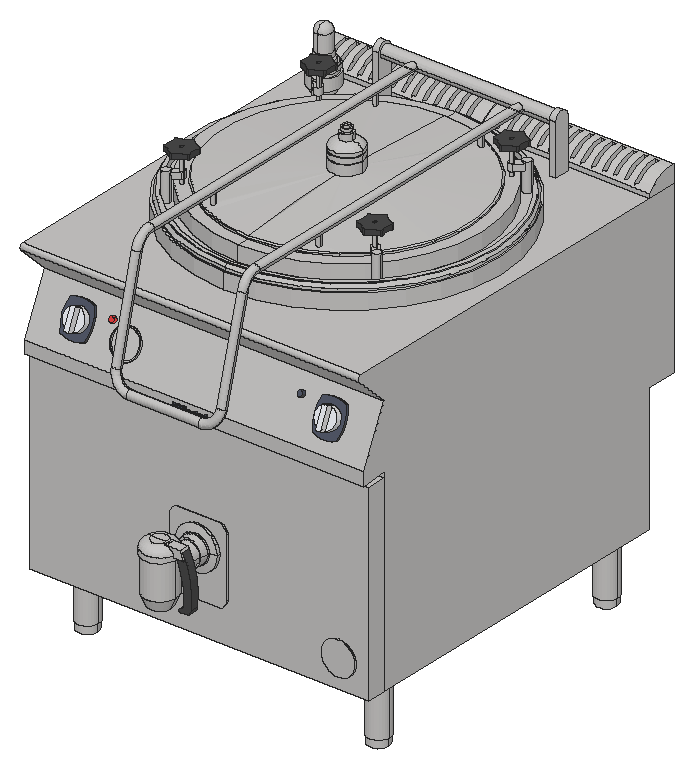
Revit family "QF_ELECTROLUXPROFESSIONAL_391298_E9BSGHDR4C", category Specialty Equipment, Revit 2018
Family settings
  Round Connector Dimension = Use Diameter
  Part Type = Normal
  Work Plane-Based = No
  Always vertical = Yes
  Cut with Voids When Loaded = No
  Shared = No
  Room Calculation Point = No
Parameters (values of type "Standard")
  Weight = 145.00 kg
  Watts = 0 W
  Volts = 220 V
  URL Manufacturer = "http://professional.electrolux.com"
  URL = "http://professional.electrolux.com"
  Steam Supply Size = 0"
  Steam Supply Minimum Pressure = 0.00 psi
  Steam Supply Maximum Pressure = 0.00 psi
  Steam Pounds per Hour = 0
  Show Logo [instance] = yes
  Show Clearance [instance] = yes
  Refrigeration Suction Line Size = 0 mm
  Refrigeration Liquid Line Size = 0 mm
  Refrigerant Compressor Remote = yes
  Phase = 1
  Model = "E9BSGHDR4C"
  Manufacturer = "Electrolux Professional"
  Length Actual = 800 mm  # constant formula
  Item Number = "391298"
  Hot Water Size = 3/4"
  Height Actual = 850 mm  # constant formula
  HP = "0.1 HP"
  Gas Size = 1/2"
  Gas KW = 24
  Gas Input Pressure = 0.805176 Btu/h
  Direct Waste Size = 2"
  Description = "150L GAS BOILPAN-DIRECT HEATED AUTO-60HZ"
  Depth Actual = 930 mm  # constant formula
  Cycle = 60 Hz
  Condensate Return Size = 0"
  Compressed Air Volume = 0 GPM
  Compressed Air Size = 0"
  Compressed Air Pressure = 0.00 psi
  Cold Water Size = 3/4"
  Assembly Code = ""
  Accessory = yes
Reference planes
  plane 1 "BACK": y = 0
  plane 2: z = 0
  plane 3 "LEFT": x = 0
  plane 4 "RIGHT": x = 800
  plane 5 "FRONT": y = -930
  plane 6 "TOP": z = 850
  plane 7 "Center Y": x = 400
  plane 8 "Center X": y = -465
  plane 9 "Base": z = 150
  plane 10: y = -1017
  plane 11: z = 1786
  plane 12: x = 56
  plane 13: x = 744
  plane 14: x = 746
  plane 15: x = 729
  plane 16: x = 46
  plane 17: x = 151.01
  plane 18: x = 648.99
  plane 19: y = -127
  plane 20: y = -801
Forms (mm)
  Revolve 1, solid, material "QF_Finishes_Stainless Steel"
    sketch origin (1, -127, 0) x (1, 0, 0) y (0, 0, 1)
      loop
        line (55, 0) -> (55, 150) -> (28.6, 150) -> (28.6, 19.05) -> (31.1, 19.05) -> (31.1, 0) -> (55, 0)
      axis (55, 0) -> (55, 150)
    angle from 0 to 360
  Revolve 2, solid, material "QF_Finishes_Stainless Steel"
    sketch origin (1, -801, 0) x (1, 0, 0) y (0, 0, 1)
      loop
        line (55, 0) -> (55, 150) -> (28.6, 150) -> (28.6, 19.05) -> (31.1, 19.05) -> (31.1, 0) -> (55, 0)
      axis (55, 0) -> (55, 150)
    angle from 0 to 360
  Extrusion 3, solid, material "QF_Finishes_Stainless Steel"
    sketch origin (0, 0, 576.213) x (0, 1, 0) y (0, 0, 1)
      loop
        line (0, -127.212) -> (0, 273.787) -> (-922.342, 273.787)
        arc (-922.342, 273.787) -> (-929.417, 269.06) -> (-927.757, 260.714) r 7.658
        line (-927.757, 260.714) -> (-856.613, 190.57) -> (-915.31, 65.214) -> (-915.31, 33.916) -> (-855.186, 38.612)
        arc (-855.186, 38.612) -> (-852.661, 37.864) -> (-851.569, 35.468) r 3.175
        line (-851.569, 35.468) -> (-851.569, -426.212) -> (-72, -426.212) -> (-72, -127.212) -> (0, -127.212)
      loop
        line (-901, 25.858) -> (-901, -426.212) -> (-854.744, -426.212) -> (-854.744, 25.858) -> (-901, 25.858)
    from 0 to 800
  Extrusion 4, solid, material "QF_Finishes_Stainless Steel"
    sketch origin (0, -901, 557.071) x (0, 0, 1) y (-1, 0, 0)
      loop
        arc (-150.774, -353.125) -> (-156.632, -338.983) -> (-170.774, -333.125) r 20
        line (-170.774, -333.125) -> (-310.774, -333.125)
        arc (-310.774, -333.125) -> (-324.916, -338.983) -> (-330.774, -353.125) r 20
        line (-330.774, -353.125) -> (-330.774, -446.875)
        arc (-330.774, -446.875) -> (-324.916, -461.017) -> (-310.774, -466.875) r 20
        line (-310.774, -466.875) -> (-170.774, -466.875)
        arc (-170.774, -466.875) -> (-156.632, -461.017) -> (-150.774, -446.875) r 20
        line (-150.774, -446.875) -> (-150.774, -353.125)
    from 0 to 3.2
  Revolve 5, solid, material "QF_Finishes_Stainless Steel"
    sketch origin (50, -127.411, 338.218) x (1, 0, 0) y (0, 1, 0)
      loop
        line (350, -776.789) -> (350, -866.845) -> (377.31, -866.845) -> (377.31, -807.326) -> (381.52, -807.326) -> (381.52, -788.802) -> (383.56, -788.802) -> (383.56, -785.903) -> (400.479, -782.307) -> (400.479, -776.789) -> (350, -776.789)
      axis (350, -866.845) -> (350, -776.789)
    angle from 0 to 360
  Extrusion 6, solid, material "QF_Finishes_Stainless Steel"
    sketch origin (0, -901, 557.071) x (0, 0, 1) y (-1, 0, 0)
      loop
        circle (-340.2, -729.973) r 40
      loop
        circle (-280.2, -284.973) r 20
    from 0 to 1.6
  Extrusion 7, solid, material "QF_Finishes_Navy Blue"
    sketch origin (-437.256, -913.119, 646.186) x (0, 0.418102, 0.9084) y (-1, 0, 0)
      loop
        arc (102.623, -510.47) -> (67.041, -502.846) -> (31.333, -509.853) r 90.5
        arc (31.333, -509.853) -> (24.507, -539.04) -> (31.333, -568.228) r 65.817
        arc (31.333, -568.228) -> (67.048, -575.112) -> (102.64, -567.615) r 91.99
        arc (102.64, -567.615) -> (109.186, -539.041) -> (102.623, -510.47) r 65.554
      loop
        arc (102.623, -1164.043) -> (109.179, -1135.47) -> (102.623, -1106.897) r 65.546
        arc (102.623, -1106.897) -> (67.04, -1099.324) -> (31.333, -1106.284) r 91.066
        arc (31.333, -1106.284) -> (24.507, -1135.472) -> (31.333, -1164.66) r 65.817
        arc (31.333, -1164.66) -> (67.041, -1171.667) -> (102.623, -1164.043) r 90.5
    from 0 to 3.175
  Extrusion 8, solid, material "QF_Finishes_White"
    sketch origin (-58.506, -916.833, 645.711) x (0, 0.418102, 0.9084) y (-1, 0, 0)
      loop
        circle (68.826, -160.963) r 25.4
      loop
        circle (68.826, -756.049) r 25.4
    from 0 to 12.7
  Extrusion 9, solid, material "QF_Finishes_White"
    sketch origin (-58.506, -928.369, 651.021) x (0, 0.418102, 0.9084) y (-1, 0, 0)
      loop
        arc (93.558, -166.749) -> (94.226, -160.963) -> (93.558, -155.177) r 25.4
        line (93.558, -155.177) -> (44.094, -155.177)
        arc (44.094, -155.177) -> (43.426, -160.963) -> (44.094, -166.749) r 25.4
        line (44.094, -166.749) -> (93.558, -166.749)
      loop
        line (93.558, -750.263) -> (44.094, -750.263)
        arc (44.094, -750.263) -> (43.426, -756.049) -> (44.094, -761.836) r 25.4
        line (44.094, -761.836) -> (93.558, -761.836)
        arc (93.558, -761.836) -> (94.226, -756.049) -> (93.558, -750.263) r 25.4
    from 0 to 12.7
  Extrusion 10, solid, material "QF_Finishes_Red"
    sketch origin (-137.986, -902.667, 668.896) x (0, 0.418102, 0.9084) y (-1, 0, 0)
      loop
        circle (65.471, -315.169) r 6.35
    from 0 to 6
  Extrusion 11, solid, material "QF_Finishes_Navy Blue"
    sketch origin (937.986, -902.667, 668.896) x (0, 0.418102, 0.9084) y (-1, 0, 0)
      loop
        circle (65.471, 315.169) r 6.35
    from 0 to 6
  Extrusion 12, solid, material "QF_Finishes_Navy Blue", visible <- "Show Logo"
    sketch origin (61.109, -915.31, 610.773) x (0, 0, 1) y (-1, 0, 0)
      loop
        line (20.674, -296.698) -> (8.307, -296.698)
        arc (8.307, -296.698) -> (14.491, -301.27) -> (20.674, -296.698) r 6.467
      loop
        arc (20.674, -296.069) -> (19.505, -290.926) -> (14.849, -288.448) r 6.338
        line (14.849, -288.448) -> (14.849, -290.494)
        arc (14.849, -290.494) -> (16.333, -294.149) -> (19.778, -296.069) r 5.941
        line (19.778, -296.069) -> (20.674, -296.069)
      loop
        arc (9.203, -296.069) -> (12.648, -294.149) -> (14.132, -290.494) r 5.941
        line (14.132, -290.494) -> (14.132, -288.448)
        arc (14.132, -288.448) -> (9.438, -290.922) -> (8.148, -296.069) r 6.504
        line (8.148, -296.069) -> (9.203, -296.069)
      loop
        line (21.349, -287.979) -> (7.604, -287.979) -> (7.604, -301.742) -> (21.349, -301.742) -> (21.349, -287.979)
      loop
        arc (21.432, -304.71) -> (21.085, -304.352) -> (20.718, -304.69) r 0.358
        arc (20.718, -304.69) -> (20.404, -305.44) -> (19.687, -305.825) r 1.216
        line (19.687, -305.825) -> (9.274, -305.825)
        arc (9.274, -305.825) -> (8.614, -305.548) -> (8.218, -304.951) r 1.238
        arc (8.218, -304.951) -> (7.823, -304.7) -> (7.518, -305.054) r 0.358
        line (7.518, -305.054) -> (7.518, -314.933) -> (10.269, -314.933) -> (10.269, -314.036)
        arc (10.269, -314.036) -> (9.36, -313.456) -> (8.904, -312.479) r 1.928
        line (8.904, -312.479) -> (8.904, -309.98)
        arc (8.904, -309.98) -> (9.18, -309.251) -> (9.868, -308.887) r 1.101
        line (9.868, -308.887) -> (13.955, -308.887) -> (13.955, -312.561)
        arc (13.955, -312.561) -> (13.602, -313.058) -> (13.037, -313.286) r 1.083
        arc (13.037, -313.286) -> (12.773, -313.591) -> (13.065, -313.869) r 0.292
        line (13.065, -313.869) -> (16.028, -313.869)
        arc (16.028, -313.869) -> (16.33, -313.596) -> (16.092, -313.266) r 0.305
        arc (16.092, -313.266) -> (15.601, -313.018) -> (15.296, -312.561) r 1.083
        line (15.296, -312.561) -> (15.296, -308.887) -> (19.973, -308.887) -> (19.973, -312.635)
        arc (19.973, -312.635) -> (19.759, -313.39) -> (19.153, -313.888) r 1.314
        arc (19.153, -313.888) -> (18.934, -314.292) -> (19.288, -314.585) r 0.361
        line (19.288, -314.585) -> (21.432, -314.585) -> (21.432, -304.71)
      loop
        arc (20.715, -315.365) -> (20.335, -316.284) -> (19.416, -316.664) r 1.299
        line (19.416, -316.664) -> (9.837, -316.664)
        arc (9.837, -316.664) -> (8.999, -316.286) -> (8.728, -315.408) r 1.118
        line (8.728, -315.408) -> (7.518, -315.408) -> (7.518, -320.758) -> (8.706, -320.758)
        arc (8.706, -320.758) -> (8.978, -319.841) -> (9.848, -319.445) r 1.153
        line (9.848, -319.445) -> (21.92, -319.445) -> (20.715, -315.365)
      loop
        line (12.483, -323.394) -> (12.483, -329.842) -> (13.282, -329.842)
        arc (13.282, -329.842) -> (15.862, -328.857) -> (17.131, -326.404) r 3.874
        line (17.131, -326.404) -> (17.131, -324.643)
        arc (17.131, -324.643) -> (15.944, -321.778) -> (13.08, -320.592) r 4.051
        line (13.08, -320.592) -> (11.072, -320.592)
        arc (11.072, -320.592) -> (8.253, -322.077) -> (7.202, -325.084) r 4.352
        arc (7.202, -325.084) -> (7.566, -327.547) -> (8.943, -329.621) r 5.713
        line (8.943, -329.621) -> (9.892, -329.621)
        arc (9.892, -329.621) -> (9.16, -328.052) -> (8.943, -326.334) r 5.579
        arc (8.943, -326.334) -> (9.737, -324.371) -> (11.616, -323.394) r 3.057
        line (11.616, -323.394) -> (12.483, -323.394)
      loop
        line (13.742, -323.394) -> (13.742, -326.977)
        arc (13.742, -326.977) -> (15.199, -327.024) -> (16.082, -325.864) r 1.59
        line (16.082, -325.864) -> (16.082, -325.034)
        arc (16.082, -325.034) -> (15.217, -323.779) -> (13.742, -323.394) r 2.184
      loop
        arc (16.533, -339.259) -> (17.022, -337.585) -> (17.179, -335.848) r 9.023
        line (17.179, -335.848) -> (17.179, -334.486)
        arc (17.179, -334.486) -> (16.02, -331.686) -> (13.22, -330.527) r 3.959
        line (13.22, -330.527) -> (10.62, -330.527)
        arc (10.62, -330.527) -> (8.338, -331.819) -> (7.221, -334.192) r 4.331
        line (7.221, -334.192) -> (7.221, -336.327)
        arc (7.221, -336.327) -> (7.729, -337.877) -> (8.651, -339.223) r 5.772
        arc (8.651, -339.223) -> (9.412, -339.274) -> (9.499, -338.515) r 0.553
        arc (9.499, -338.515) -> (9.111, -337.781) -> (8.977, -336.962) r 2.573
        line (8.977, -336.962) -> (8.977, -335.447)
        arc (8.977, -335.447) -> (9.983, -333.806) -> (11.798, -333.163) r 2.884
        line (11.798, -333.163) -> (13.077, -333.163)
        arc (13.077, -333.163) -> (14.898, -333.723) -> (15.824, -335.388) r 2.554
        line (15.824, -335.388) -> (15.824, -336.441)
        arc (15.824, -336.441) -> (15.493, -337.369) -> (14.836, -338.104) r 2.564
        arc (14.836, -338.104) -> (14.614, -338.821) -> (15.223, -339.259) r 0.643
        line (15.223, -339.259) -> (16.533, -339.259)
      loop
        line (15.515, -339.53) -> (15.515, -341.031) -> (9.467, -341.031)
        arc (9.467, -341.031) -> (7.879, -341.688) -> (7.221, -343.276) r 2.246
        line (7.221, -343.276) -> (7.221, -344.86)
        arc (7.221, -344.86) -> (7.535, -345.725) -> (8.035, -346.496) r 4.06
        arc (8.035, -346.496) -> (8.768, -346.629) -> (9.019, -345.928) r 0.576
        arc (9.019, -345.928) -> (8.913, -345.403) -> (8.977, -344.87) r 1.69
        arc (8.977, -344.87) -> (9.519, -344.082) -> (10.425, -343.779) r 1.506
        line (10.425, -343.779) -> (15.563, -343.779) -> (15.563, -346.176) -> (16.119, -346.733) -> (16.941, -346.733) -> (16.941, -343.873) -> (20.172, -343.873) -> (15.515, -339.53)
      loop
        line (7.438, -347.63) -> (7.438, -353.017) -> (8.548, -353.017)
        arc (8.548, -353.017) -> (8.942, -352.066) -> (9.893, -351.672) r 1.345
        line (9.893, -351.672) -> (13.509, -351.672)
        arc (13.509, -351.672) -> (14.274, -352.264) -> (14.564, -353.186) r 1.615
        line (14.564, -353.186) -> (14.564, -354.742) -> (17.119, -355.427) -> (17.119, -354.044) -> (15.177, -351.485) -> (17.057, -351.485) -> (16.773, -348.779)
        arc (16.773, -348.779) -> (16.333, -348.249) -> (15.674, -348.45) r 0.621
        arc (15.674, -348.45) -> (15.274, -348.792) -> (14.78, -348.975) r 1.501
        line (14.78, -348.975) -> (9.893, -348.975)
        arc (9.893, -348.975) -> (8.942, -348.581) -> (8.548, -347.63) r 1.345
        line (8.548, -347.63) -> (7.438, -347.63)
      loop
        line (13.54, -354.964) -> (10.848, -354.964)
        arc (10.848, -354.964) -> (8.403, -356.272) -> (7.269, -358.803) r 4.288
        arc (7.269, -358.803) -> (7.205, -360.183) -> (7.269, -361.563) r 15.022
        arc (7.269, -361.563) -> (8.403, -364.094) -> (10.848, -365.401) r 4.288
        line (10.848, -365.401) -> (13.54, -365.401)
        arc (13.54, -365.401) -> (15.986, -364.094) -> (17.119, -361.563) r 4.288
        arc (17.119, -361.563) -> (17.183, -360.183) -> (17.119, -358.803) r 15.022
        arc (17.119, -358.803) -> (15.986, -356.272) -> (13.54, -354.964) r 4.288
      loop
        line (13.745, -358.078) -> (10.643, -358.078)
        arc (10.643, -358.078) -> (8.486, -360.235) -> (10.643, -362.392) r 2.157
        line (10.643, -362.392) -> (13.745, -362.392)
        arc (13.745, -362.392) -> (15.902, -360.235) -> (13.745, -358.078) r 2.157
      loop
        arc (20.726, -365.26) -> (20.355, -366.154) -> (19.461, -366.524) r 1.264
        line (19.461, -366.524) -> (9.597, -366.524)
        arc (9.597, -366.524) -> (8.727, -366.127) -> (8.455, -365.211) r 1.153
        line (8.455, -365.211) -> (7.518, -365.211) -> (7.518, -370.319) -> (8.446, -370.319)
        arc (8.446, -370.319) -> (8.805, -369.547) -> (9.597, -369.232) r 1.153
        line (9.597, -369.232) -> (21.92, -369.232) -> (20.726, -365.26)
      loop
        arc (15.846, -369.857) -> (15.647, -370.921) -> (14.678, -371.403) r 1.215
        line (14.678, -371.403) -> (9.658, -371.403)
        arc (9.658, -371.403) -> (8.043, -372.051) -> (7.322, -373.634) r 2.338
        line (7.322, -373.634) -> (7.322, -375.148)
        arc (7.322, -375.148) -> (7.497, -376.152) -> (7.999, -377.038) r 2.979
        line (7.999, -377.038) -> (7.518, -378.835) -> (7.518, -380.524) -> (16.943, -380.524) -> (16.649, -376.32) -> (15.863, -376.32)
        arc (15.863, -376.32) -> (15.507, -377.156) -> (14.755, -377.665) r 1.605
        line (14.755, -377.665) -> (9.652, -377.665)
        arc (9.652, -377.665) -> (9.232, -376.728) -> (9.159, -375.704) r 2.94
        arc (9.159, -375.704) -> (9.72, -374.603) -> (10.873, -374.16) r 1.724
        line (10.873, -374.16) -> (17.07, -374.16) -> (15.846, -369.857)
      loop
        line (16.874, -381.377) -> (15.202, -383.423) -> (12.028, -385.729) -> (8.572, -382.617)
        arc (8.572, -382.617) -> (8.335, -382.223) -> (8.357, -381.764) r 0.789
        line (8.357, -381.764) -> (7.518, -381.764) -> (7.518, -385.309) -> (8.344, -385.309)
        arc (8.344, -385.309) -> (8.686, -384.947) -> (9.176, -385.039) r 0.52
        line (9.176, -385.039) -> (10.976, -386.51) -> (8.858, -387.886)
        arc (8.858, -387.886) -> (8.457, -387.576) -> (8.37, -387.076) r 0.7
        line (8.37, -387.076) -> (7.518, -387.076) -> (7.518, -393.003) -> (8.405, -393.003)
        arc (8.405, -393.003) -> (8.472, -392.344) -> (8.866, -391.813) r 1.247
        line (8.866, -391.813) -> (13.066, -388.532) -> (15.513, -390.585) -> (16.874, -392.327) -> (16.874, -388.604) -> (15.389, -389.026) -> (13.868, -387.749) -> (15.568, -386.559) -> (16.874, -387.336) -> (16.874, -381.377)
    from 0 to 1.644
  Revolve 13, solid, material "QF_Finishes_Stainless Steel"
    sketch origin (400, -109.012, 0.687) x (0, 1, 0) y (0, 0, 1)
      loop
        line (-355.988, 849.312) -> (-355.988, 946.284)
        arc (-355.988, 946.284) -> (-500.572, 942.27) -> (-644.711, 930.241) r 2606.177
        line (-644.711, 930.241) -> (-647.488, 927.465) -> (-647.488, 924.094) -> (-676.819, 924.094) -> (-676.819, 888.437) -> (-701.151, 888.437) -> (-701.151, 902.549) -> (-710.075, 902.549) -> (-710.075, 900.745) -> (-714.988, 892.235) -> (-714.988, 886.51) -> (-719.988, 886.51) -> (-719.988, 849.312) -> (-355.988, 849.312)
      axis (-355.988, 849.312) -> (-355.988, 946.284)
    angle from 0 to 360
  Extrusion 14, solid, material "QF_Finishes_Stainless Steel"
    sketch origin (0, 0, 560.363) x (0, 1, 0) y (0, 0, 1)
      loop
        line (0, 289.638) -> (0, 331.738)
        arc (0, 331.738) -> (-38.857, 324.552) -> (-69.85, 300.038) r 82.056
        line (-69.85, 300.038) -> (-69.85, 289.638) -> (0, 289.638)
    from 0 to 400
  Extrusion 15, void
    sketch origin (0, 0, 835) x (0, -1, 0) y (1, 0, 0)
      loop
        line (6.761, 28.703) -> (63.911, 28.703) -> (63.911, 37.999) -> (6.761, 37.999) -> (6.761, 28.703)
      loop
        line (63.911, 64.487) -> (6.761, 64.487) -> (6.761, 55.191) -> (63.911, 55.191) -> (63.911, 64.487)
      loop
        line (63.911, 89.975) -> (6.761, 89.975) -> (6.761, 80.68) -> (63.911, 80.68) -> (63.911, 89.975)
      loop
        line (63.911, 115.464) -> (6.761, 115.464) -> (6.761, 106.168) -> (63.911, 106.168) -> (63.911, 115.464)
      loop
        line (63.911, 140.952) -> (6.761, 140.952) -> (6.761, 131.656) -> (63.911, 131.656) -> (63.911, 140.952)
      loop
        line (63.911, 166.44) -> (6.761, 166.44) -> (6.761, 157.145) -> (63.911, 157.145) -> (63.911, 166.44)
      loop
        line (63.911, 191.929) -> (6.761, 191.929) -> (6.761, 182.633) -> (63.911, 182.633) -> (63.911, 191.929)
      loop
        line (63.911, 217.417) -> (6.761, 217.417) -> (6.761, 208.121) -> (63.911, 208.121) -> (63.911, 217.417)
      loop
        line (63.911, 242.905) -> (6.761, 242.905) -> (6.761, 233.61) -> (63.911, 233.61) -> (63.911, 242.905)
      loop
        line (63.911, 268.394) -> (6.761, 268.394) -> (6.761, 259.098) -> (63.911, 259.098) -> (63.911, 268.394)
      loop
        line (63.911, 293.882) -> (6.761, 293.882) -> (6.761, 284.586) -> (63.911, 284.586) -> (63.911, 293.882)
      loop
        line (63.911, 319.37) -> (6.761, 319.37) -> (6.761, 310.075) -> (63.911, 310.075) -> (63.911, 319.37)
      loop
        line (63.911, 344.859) -> (6.761, 344.859) -> (6.761, 335.563) -> (63.911, 335.563) -> (63.911, 344.859)
      loop
        line (63.911, 370.347) -> (6.761, 370.347) -> (6.761, 361.051) -> (63.911, 361.051) -> (63.911, 370.347)
    from 25.4 to 63.5
  Extrusion 16, solid, material "QF_Finishes_Stainless Steel"
    sketch origin (800, 0, 560.363) x (0, 1, 0) y (0, 0, -1)
      loop
        line (0, -289.638) -> (-69.85, -289.638) -> (-69.85, -300.038)
        arc (-69.85, -300.038) -> (-38.857, -324.552) -> (0, -331.738) r 82.056
        line (0, -331.738) -> (0, -289.638)
    from 0 to 400
  Extrusion 17, void
    sketch origin (800, 0, 835) x (0, -1, 0) y (1, 0, 0)
      loop
        line (6.761, -29.703) -> (6.761, -38.999) -> (63.911, -38.999) -> (63.911, -29.703) -> (6.761, -29.703)
      loop
        line (63.911, -64.487) -> (63.911, -55.191) -> (6.761, -55.191) -> (6.761, -64.487) -> (63.911, -64.487)
      loop
        line (63.911, -89.975) -> (63.911, -80.68) -> (6.761, -80.68) -> (6.761, -89.975) -> (63.911, -89.975)
      loop
        line (63.911, -115.464) -> (63.911, -106.168) -> (6.761, -106.168) -> (6.761, -115.464) -> (63.911, -115.464)
      loop
        line (63.911, -140.952) -> (63.911, -131.656) -> (6.761, -131.656) -> (6.761, -140.952) -> (63.911, -140.952)
      loop
        line (63.911, -166.44) -> (63.911, -157.145) -> (6.761, -157.145) -> (6.761, -166.44) -> (63.911, -166.44)
      loop
        line (63.911, -191.929) -> (63.911, -182.633) -> (6.761, -182.633) -> (6.761, -191.929) -> (63.911, -191.929)
      loop
        line (63.911, -217.417) -> (63.911, -208.121) -> (6.761, -208.121) -> (6.761, -217.417) -> (63.911, -217.417)
      loop
        line (63.911, -242.905) -> (63.911, -233.61) -> (6.761, -233.61) -> (6.761, -242.905) -> (63.911, -242.905)
      loop
        line (63.911, -268.394) -> (63.911, -259.098) -> (6.761, -259.098) -> (6.761, -268.394) -> (63.911, -268.394)
      loop
        line (63.911, -293.882) -> (63.911, -284.586) -> (6.761, -284.586) -> (6.761, -293.882) -> (63.911, -293.882)
      loop
        line (63.911, -319.37) -> (63.911, -310.075) -> (6.761, -310.075) -> (6.761, -319.37) -> (63.911, -319.37)
      loop
        line (63.911, -344.859) -> (63.911, -335.563) -> (6.761, -335.563) -> (6.761, -344.859) -> (63.911, -344.859)
      loop
        line (63.911, -370.347) -> (63.911, -361.051) -> (6.761, -361.051) -> (6.761, -370.347) -> (63.911, -370.347)
    from 25.4 to 63.5
  Extrusion 18, solid, material "QF_Finishes_Stainless Steel"
    sketch origin (0, -90.262, 0) x (1, 0, 0) y (0, 1, 0)
      loop
        circle (275.084, -613.366) r 5
      loop
        circle (275.084, -135.109) r 5
      loop
        circle (524.916, -613.366) r 5
      loop
        circle (524.916, -135.109) r 5
    from 873.469 to 966.597
  Extrusion 19, solid, material "QF_Finishes_Stainless Steel"
    sketch origin (0, -653.222, 150) x (1, 0, 0) y (0, -1, 0)
      loop
        circle (746, 1.778) r 6.35
    from 0 to 13
  Extrusion 20, solid, material "QF_Finishes_Stainless Steel"
    sketch origin (0, -654.222, 150) x (1, 0, 0) y (0, -1, 0)
      loop
        circle (729, 66.778) r 6.35
    from 0 to 13
  Extrusion 21, solid, material "QF_Finishes_Stainless Steel"
    sketch origin (-673, -652.222, 150) x (1, 0, 0) y (0, -1, 0)
      loop
        circle (719, -6.222) r 9.5
      loop
        circle (719, 63.778) r 9.5
    from 0 to 13
  Extrusion 22, solid, material "QF_Clearances", visible <- "Show Clearance", detail levels coarse
    sketch origin (0, 0, 0) x (1, 0, 0) y (0, 1, 0)
      loop
        line (-50, -930) -> (0, -930) -> (0, 0) -> (800, 0) -> (800, -930) -> (850, -930) -> (850, 50) -> (-50, 50) -> (-50, -930)
    from 0 to 865.138
  Extrusion 23, solid, material "QF_Finishes_Stainless Steel"
    sketch origin (73.929, 3.488, 39.209) x (0, 1, 0) y (0, 0, 1)
      loop
        line (-86.2, 810.791) -> (-86.2, 927.861)
        arc (-86.2, 927.861) -> (-103.594, 945.255) -> (-120.988, 927.861) r 17.394
        line (-120.988, 927.861) -> (-120.988, 810.791) -> (-86.2, 810.791)
    from 527.978 to 542.561
  Extrusion 24, solid, material "QF_Finishes_Stainless Steel"
    sketch origin (0, 3.488, 37.959) x (0, 1, 0) y (0, 0, 1)
      loop
        circle (-103.594, 927.13) r 15
    from 198.093 to 601.907
  Extrusion 25, solid, material "QF_Finishes_Stainless Steel"
    sketch origin (726.071, 3.488, 39.209) x (0, 1, 0) y (0, 0, -1)
      loop
        line (-86.2, -810.791) -> (-120.988, -810.791) -> (-120.988, -927.861)
        arc (-120.988, -927.861) -> (-103.594, -945.255) -> (-86.2, -927.861) r 17.394
        line (-86.2, -927.861) -> (-86.2, -810.791)
    from 527.978 to 542.561
  Extrusion 26, solid, material "QF_Finishes_Stainless Steel"
    sketch origin (0, -858.418, 765.034) x (0, -0.418102, -0.9084) y (1, 0, 0)
      loop
        circle (73.793, 217.932) r 35
    from 0 to 3.2
  Extrusion 27, void
    sketch origin (0, -861.325, 766.372) x (0, -0.418102, -0.9084) y (1, 0, 0)
      loop
        circle (73.793, 217.932) r 33
    from 0 to -1.6
  Revolve 28, solid, material "QF_Finishes_Stainless Steel"
    sketch origin (75, 0, 0) x (0, 1, 0) y (0, 0, 1)
      loop
        line (-127, 850) -> (-127, 995.049)
        arc (-127, 995.049) -> (-139.857, 989.724) -> (-145.183, 976.867) r 18.183
        line (-145.183, 976.867) -> (-145.183, 936.198) -> (-147.515, 936.198) -> (-147.515, 925.501) -> (-152, 921.015) -> (-152, 914.56) -> (-157, 914.56) -> (-157, 909.56) -> (-160.008, 909.56) -> (-160.008, 901.432) -> (-157, 901.432) -> (-157, 892.923) -> (-162, 892.923) -> (-162, 865.138) -> (-152, 865.138) -> (-152, 850) -> (-127, 850)
      axis (-127, 850) -> (-127, 995.049)
    angle from 0 to 360
  Extrusion 29, solid, material "QF_Finishes_Stainless Steel"
    sketch origin (400, -465, 889.125) x (-1, 0, 0) y (0, -1, 0)
      loop
        circle (248.99, -222.263) r 9.5
      loop
        circle (-248.99, -222.263) r 9.5
      loop
        circle (248.99, 222.737) r 9.5
      loop
        circle (-248.99, 222.737) r 9.5
    from 0 to 65.025
  Extrusion 30, solid, material "QF_Finishes_Stainless Steel"
    sketch origin (0, 0, 0) x (1, 0, 0) y (0, 1, 0)
      loop
        line (160.29, -688.771) -> (176.792, -672.269)
        arc (176.792, -672.269) -> (176.792, -660.955) -> (165.478, -660.955) r 8
        line (165.478, -660.955) -> (148.976, -677.457)
        arc (148.976, -677.457) -> (157.728, -680.019) -> (160.29, -688.771) r 9.5
      loop
        arc (639.71, -688.771) -> (642.272, -680.019) -> (651.024, -677.457) r 9.5
        line (651.024, -677.457) -> (634.522, -660.955)
        arc (634.522, -660.955) -> (623.208, -660.955) -> (623.208, -672.269) r 8
        line (623.208, -672.269) -> (639.71, -688.771)
      loop
        arc (160.29, -240.703) -> (157.728, -249.454) -> (148.976, -252.017) r 9.5
        line (148.976, -252.017) -> (165.478, -268.519)
        arc (165.478, -268.519) -> (176.792, -268.519) -> (176.792, -257.205) r 8
        line (176.792, -257.205) -> (160.29, -240.703)
      loop
        line (639.71, -240.703) -> (623.208, -257.205)
        arc (623.208, -257.205) -> (623.208, -268.519) -> (634.522, -268.519) r 8
        line (634.522, -268.519) -> (651.024, -252.017)
        arc (651.024, -252.017) -> (642.272, -249.454) -> (639.71, -240.703) r 9.5
    from 936.198 to 951.201
  Extrusion 31, solid, material "QF_Finishes_Stainless Steel"
    sketch origin (400, -465, 924.782) x (-1, 0, 0) y (0, -1, 0)
      loop
        circle (228.323, 202.069) r 4
      loop
        circle (-228.323, 202.069) r 4
      loop
        circle (228.323, -202.069) r 4
      loop
        circle (-228.323, -202.069) r 4
    from 0 to 65.572
  Extrusion 32, solid, material "QF_Finishes_Black"
    sketch origin (0, 0, 0) x (1, 0, 0) y (0, 1, 0)
      loop
        circle (171.677, -667.069) r 4
      loop
        arc (173.74, -634.086) -> (171.677, -633.272) -> (169.615, -634.086) r 3.02
        arc (169.615, -634.086) -> (157.714, -642.903) -> (144.127, -648.797) r 65
        arc (144.127, -648.797) -> (142.401, -650.167) -> (142.077, -652.346) r 3
        arc (142.077, -652.346) -> (143.767, -667.069) -> (142.077, -681.793) r 65
        arc (142.077, -681.793) -> (142.401, -683.972) -> (144.127, -685.342) r 3
        arc (144.127, -685.342) -> (157.733, -691.247) -> (169.647, -700.083) r 65
        arc (169.647, -700.083) -> (171.677, -700.885) -> (173.708, -700.083) r 2.971
        arc (173.708, -700.083) -> (185.622, -691.247) -> (199.228, -685.342) r 65
        arc (199.228, -685.342) -> (200.954, -683.972) -> (201.278, -681.793) r 3
        arc (201.278, -681.793) -> (199.588, -667.069) -> (201.278, -652.346) r 65
        arc (201.278, -652.346) -> (200.954, -650.167) -> (199.228, -648.797) r 3
        arc (199.228, -648.797) -> (185.641, -642.903) -> (173.74, -634.086) r 65
      loop
        circle (628.323, -667.069) r 4
      loop
        arc (626.26, -634.086) -> (614.359, -642.903) -> (600.772, -648.797) r 65
        arc (600.772, -648.797) -> (599.046, -650.167) -> (598.722, -652.346) r 3
        arc (598.722, -652.346) -> (600.412, -667.069) -> (598.722, -681.793) r 65
        arc (598.722, -681.793) -> (599.046, -683.972) -> (600.772, -685.342) r 3
        arc (600.772, -685.342) -> (614.378, -691.247) -> (626.292, -700.083) r 65
        arc (626.292, -700.083) -> (628.323, -700.885) -> (630.353, -700.083) r 2.971
        arc (630.353, -700.083) -> (642.267, -691.247) -> (655.873, -685.342) r 65
        arc (655.873, -685.342) -> (657.599, -683.972) -> (657.923, -681.793) r 3
        arc (657.923, -681.793) -> (656.233, -667.069) -> (657.923, -652.346) r 65
        arc (657.923, -652.346) -> (657.599, -650.167) -> (655.873, -648.797) r 3
        arc (655.873, -648.797) -> (642.286, -642.903) -> (630.385, -634.086) r 65
        arc (630.385, -634.086) -> (628.323, -633.272) -> (626.26, -634.086) r 3.02
      loop
        circle (171.677, -262.931) r 4
      loop
        arc (173.74, -295.914) -> (185.641, -287.097) -> (199.228, -281.203) r 65
        arc (199.228, -281.203) -> (200.954, -279.833) -> (201.278, -277.654) r 3
        arc (201.278, -277.654) -> (199.588, -262.931) -> (201.278, -248.207) r 65
        arc (201.278, -248.207) -> (200.954, -246.028) -> (199.228, -244.658) r 3
        arc (199.228, -244.658) -> (185.622, -238.753) -> (173.708, -229.917) r 65
        arc (173.708, -229.917) -> (171.677, -229.115) -> (169.647, -229.917) r 2.971
        arc (169.647, -229.917) -> (157.733, -238.753) -> (144.127, -244.658) r 65
        arc (144.127, -244.658) -> (142.401, -246.028) -> (142.077, -248.207) r 3
        arc (142.077, -248.207) -> (143.767, -262.931) -> (142.077, -277.654) r 65
        arc (142.077, -277.654) -> (142.401, -279.833) -> (144.127, -281.203) r 3
        arc (144.127, -281.203) -> (157.714, -287.097) -> (169.615, -295.914) r 65
        arc (169.615, -295.914) -> (171.677, -296.728) -> (173.74, -295.914) r 3.02
      loop
        circle (628.323, -262.931) r 4
      loop
        arc (626.26, -295.914) -> (628.323, -296.728) -> (630.385, -295.914) r 3.02
        arc (630.385, -295.914) -> (642.286, -287.097) -> (655.873, -281.203) r 65
        arc (655.873, -281.203) -> (657.599, -279.833) -> (657.923, -277.654) r 3
        arc (657.923, -277.654) -> (656.233, -262.931) -> (657.923, -248.207) r 65
        arc (657.923, -248.207) -> (657.599, -246.028) -> (655.873, -244.658) r 3
        arc (655.873, -244.658) -> (642.267, -238.753) -> (630.353, -229.917) r 65
        arc (630.353, -229.917) -> (628.323, -229.115) -> (626.292, -229.917) r 2.971
        arc (626.292, -229.917) -> (614.378, -238.753) -> (600.772, -244.658) r 65
        arc (600.772, -244.658) -> (599.046, -246.028) -> (598.722, -248.207) r 3
        arc (598.722, -248.207) -> (600.412, -262.931) -> (598.722, -277.654) r 65
        arc (598.722, -277.654) -> (599.046, -279.833) -> (600.772, -281.203) r 3
        arc (600.772, -281.203) -> (614.359, -287.097) -> (626.26, -295.914) r 65
    from 990.354 to 1001.265
  Revolve 33, solid, material "QF_Finishes_Stainless Steel"
    sketch origin (50, -1017, -209.451) x (1, 0, 0) y (0, 0, 1)
      loop
        line (387.487, 584.414) -> (391.109, 584.414) -> (391.109, 596.458)
        arc (391.109, 596.458) -> (383.595, 608.72) -> (370.039, 613.521) r 21.541
        line (370.039, 613.521) -> (350, 613.521) -> (350, 475.451) -> (376.476, 475.451) -> (387.487, 500.451) -> (387.487, 584.414)
      axis (350, 475.451) -> (350, 613.521)
    angle from 0 to 360
  Extrusion 34, solid, material "QF_Finishes_Black"
    sketch origin (0, -932, 1) x (1, 0, 0) y (0, 0, 1)
      loop
        arc (462.072, 282.761) -> (458.739, 279.204) -> (454.343, 277.096) r 13.226
        arc (454.343, 277.096) -> (451.562, 273.099) -> (455.036, 269.686) r 3.774
        line (455.036, 269.686) -> (472.172, 272.033)
        arc (472.172, 272.033) -> (478.889, 276.04) -> (480.667, 283.655) r 10
        arc (480.667, 283.655) -> (479.826, 343.081) -> (460.542, 399.297) r 188.693
        line (460.542, 399.297) -> (438.183, 399.297)
        arc (438.183, 399.297) -> (458.444, 342.734) -> (462.072, 282.761) r 212.616
    from 77.064 to 92.936
  Extrusion 35, solid, material "QF_Finishes_Stainless Steel"
    sketch origin (0, -932, 1) x (1, 0, 0) y (0, 0, 1)
      loop
        line (436.837, 382.461) -> (463.876, 382.461)
        arc (463.876, 382.461) -> (461.091, 393.228) -> (456.741, 403.464) r 74.823
        line (456.741, 403.464) -> (415.663, 403.464)
        arc (415.663, 403.464) -> (428.508, 395.239) -> (436.837, 382.461) r 36.276
    from 74.362 to 95.975
  Extrusion 36, solid, material "QF_Finishes_Stainless Steel"
    sketch origin (35, -654.222, 150) x (1, 0, 0) y (0, -1, 0)
      loop
        circle (736, 61.778) r 4
    from 0 to 13
  Revolve 37, solid, material "QF_Finishes_Stainless Steel"
    sketch origin (0, -465, 13.75) x (-1, 0, 0) y (0, 0, 1)
      loop
        line (-400, 1026.597) -> (-406.853, 1026.597) -> (-406.853, 1021.597) -> (-411.853, 1021.597) -> (-411.853, 1016.597) -> (-409.619, 1016.597) -> (-409.619, 1011.597) -> (-414.619, 1011.597) -> (-414.619, 998.268)
        arc (-414.619, 998.268) -> (-427.359, 993.544) -> (-436.874, 983.845) r 31.138
        line (-436.874, 983.845) -> (-436.874, 976.783) -> (-434.664, 976.783) -> (-434.664, 973.827) -> (-436.874, 973.827) -> (-436.874, 962.824) -> (-434.664, 962.824) -> (-434.664, 959.868) -> (-436.874, 959.868) -> (-436.874, 937.193) -> (-426.874, 937.193) -> (-426.874, 920.933) -> (-400, 920.933) -> (-400, 1026.597)
      axis (-400, 920.933) -> (-400, 1026.597)
    angle from 0 to 360
  Revolve 38, solid, material "QF_Clearances", visible <- "Show Clearance", detail levels coarse
    sketch origin (400, -1057.161, 758.356) x (0, 0.207912, -0.978148) y (0, 0.978148, 0.207912)
      loop
        line (-355.988, 849.312) -> (-355.988, 946.284)
        arc (-355.988, 946.284) -> (-500.572, 942.27) -> (-644.711, 930.241) r 2606.177
        line (-644.711, 930.241) -> (-647.488, 927.465) -> (-647.488, 924.094) -> (-676.819, 924.094) -> (-676.819, 888.437) -> (-701.151, 888.437) -> (-701.151, 902.549) -> (-710.075, 902.549) -> (-710.075, 900.745) -> (-714.988, 892.235) -> (-714.988, 886.51) -> (-719.988, 886.51) -> (-719.988, 849.312) -> (-355.988, 849.312)
      axis (-355.988, 849.312) -> (-355.988, 946.284)
    angle from 0 to 360
  Extrusion 39, solid, material "QF_Clearances", visible <- "Show Clearance", detail levels coarse
    sketch origin (0, -1053.936, 739.873) x (1, 0, 0) y (0, 0.207912, -0.978148)
      loop
        circle (275.084, -613.366) r 5
      loop
        circle (275.084, -135.109) r 5
      loop
        circle (524.916, -613.366) r 5
      loop
        circle (524.916, -135.109) r 5
    from 873.469 to 966.597
  Revolve 40, solid, material "QF_Clearances", visible <- "Show Clearance", detail levels coarse
    sketch origin (0, -1118.398, 1109.28) x (-1, 0, 0) y (0, 0.978148, 0.207912)
      loop
        line (-400, 1026.597) -> (-406.853, 1026.597) -> (-406.853, 1021.597) -> (-411.853, 1021.597) -> (-411.853, 1016.597) -> (-409.619, 1016.597) -> (-409.619, 1011.597) -> (-414.619, 1011.597) -> (-414.619, 998.268)
        arc (-414.619, 998.268) -> (-427.359, 993.544) -> (-436.874, 983.845) r 31.138
        line (-436.874, 983.845) -> (-436.874, 976.783) -> (-434.664, 976.783) -> (-434.664, 973.827) -> (-436.874, 973.827) -> (-436.874, 962.824) -> (-434.664, 962.824) -> (-434.664, 959.868) -> (-436.874, 959.868) -> (-436.874, 937.193) -> (-426.874, 937.193) -> (-426.874, 920.933) -> (-400, 920.933) -> (-400, 1026.597)
      axis (-400, 920.933) -> (-400, 1026.597)
    angle from 0 to 360
  Sweep 41, solid, material "QF_Finishes_Stainless Steel"
    path in 3D
      loop
        line (275.084, -107.606, 965.089) -> (275.084, -890.935, 965.089)
        arc (275.084, -890.935, 965.089) -> (275.084, -915.286, 956.823) -> (275.084, -929.572, 935.442) r 40
        line (275.084, -929.572, 935.442) -> (275.084, -989.388, 712.205)
        spline (275.084, -989.388, 712.205) -> (275.43, -990.793, 706.963) -> (276.446, -992.161, 701.857) -> (278.128, -993.489, 696.901) -> (280.443, -994.748, 692.203) -> (283.35, -995.913, 687.854) -> (286.799, -996.967, 683.921) -> (290.734, -997.891, 680.471) -> (295.088, -998.67, 677.567) -> (299.78, -999.29, 675.252) -> (304.726, -999.74, 673.571) -> (309.84, -1000.013, 672.552) -> (315.084, -1000.106, 672.205)
        line (315.084, -1000.106, 672.205) -> (484.916, -1000.106, 672.205)
        spline (484.916, -1000.106, 672.205) -> (490.158, -1000.013, 672.551) -> (495.264, -999.741, 673.567) -> (500.22, -999.29, 675.249) -> (504.918, -998.67, 677.565) -> (509.267, -997.891, 680.471) -> (513.2, -996.967, 683.92) -> (516.65, -995.913, 687.855) -> (519.555, -994.746, 692.209) -> (521.869, -993.489, 696.901) -> (523.551, -992.164, 701.847) -> (524.57, -990.793, 706.961) -> (524.916, -989.388, 712.205)
        line (524.916, -989.388, 712.205) -> (524.916, -929.572, 935.442)
        arc (524.916, -929.572, 935.442) -> (524.916, -915.286, 956.823) -> (524.916, -890.935, 965.089) r 40
        line (524.916, -890.935, 965.089) -> (524.916, -107.606, 965.089)
    profile origin (524.916, -499.271, 965.089) x (-1, 0, 0) y (0, 0, 1)
      loop
        circle (0, 0) r 9.5
  Sweep 42, solid, material "QF_Clearances", visible <- "Show Clearance", detail levels coarse
    path in 3D
      loop
        line (275.084, -107.606, 965.089) -> (275.084, -270.469, 1731.3)
        arc (275.084, -270.469, 1731.3) -> (275.084, -283.617, 1753.4) -> (275.084, -307.502, 1762.929) r 40
        line (275.084, -307.502, 1762.929) -> (275.084, -538.322, 1775.026)
        arc (275.084, -538.322, 1775.026) -> (286.8, -566.568, 1776.497) -> (315.084, -578.268, 1777.106) r 40
        line (315.084, -578.268, 1777.106) -> (484.916, -578.268, 1777.106)
        arc (484.916, -578.268, 1777.106) -> (513.2, -566.568, 1776.497) -> (524.916, -538.322, 1775.026) r 40
        line (524.916, -538.322, 1775.026) -> (524.916, -307.502, 1762.929)
        arc (524.916, -307.502, 1762.929) -> (524.916, -283.617, 1753.4) -> (524.916, -270.469, 1731.3) r 40
        line (524.916, -270.469, 1731.3) -> (524.916, -107.606, 965.089)
    profile origin (275.084, -189.038, 1348.194) x (0, -0.978148, -0.207912) y (1, 0, 0)
      loop
        circle (0, 0) r 9.5
  Revolve 43, solid, material "QF_Finishes_Stainless Steel"
    sketch origin (799, -127, 0) x (-1, 0, 0) y (0, 0, -1)
      loop
        line (55, 0) -> (31.1, 0) -> (31.1, -19.05) -> (28.6, -19.05) -> (28.6, -150) -> (55, -150) -> (55, 0)
      axis (55, 0) -> (55, -150)
    angle from 0 to 360
  Revolve 44, solid, material "QF_Finishes_Stainless Steel"
    sketch origin (799, -801, 0) x (-1, 0, 0) y (0, 0, -1)
      loop
        line (55, 0) -> (31.1, 0) -> (31.1, -19.05) -> (28.6, -19.05) -> (28.6, -150) -> (55, -150) -> (55, 0)
      axis (55, 0) -> (55, -150)
    angle from 0 to 360
Cuts and joins
  Extrusion 15, Extrusion 17 cuts Extrusion 14
  Extrusion 17 cuts Extrusion 16
  joined: Revolve 13, Extrusion 18
  Extrusion 27 cuts Extrusion 26
Lines and regions (mm)
  Split face 1
    outline origin (217.932, -904.521, 668.693) x (0, 0.418102, 0.9084) y (-1, 0, 0)
      loop
        arc (30.715, 0.549) -> (31.427, -1.747) -> (33.785, -2.216) r 2.35
        line (33.785, -2.216) -> (38.233, -6.22) -> (39.786, -4.666) -> (35.272, -0.602)
        arc (35.272, -0.602) -> (34.573, 1.747) -> (32.164, 2.197) r 2.35
        line (32.164, 2.197) -> (12.789, 18.808)
        arc (12.789, 18.808) -> (12.314, 18.779) -> (12.329, 18.304) r 0.341
        line (12.329, 18.304) -> (30.715, 0.549)
  symbolic lines, style "QF_Clearances", visible <- "Show Clearance", detail levels coarse
    curve 1: line (850, -930, 0) -> (850, 50, 0)
    curve 2: line (850, 50, 0) -> (-50, 50, 0)
    curve 3: line (-50, 50, 0) -> (-50, -930, 0)
  symbolic lines
    curve 4: line (0, -930, 0) -> (265.584, -930, 0)
    curve 5: line (0, 0, 0) -> (0, -930, 0)
    curve 6: line (800, 0, 0) -> (0, 0, 0)
    curve 7: line (800, -930, 0) -> (800, 0, 0)
    curve 8: line (0, -69.85, 0) -> (800, -69.85, 0)
    curve 9: line (431.52, -934.772, 0) -> (431.52, -930, 0)
    curve 10: line (431.52, -934.772, 0) -> (368.48, -934.772, 0)
    curve 11: line (368.48, -934.772, 0) -> (368.48, -930, 0)
    curve 12: line (372.69, -934.772, 0) -> (372.69, -986.273, 0)
    curve 13: line (427.31, -934.772, 0) -> (427.31, -986.273, 0)
    curve 14: line (28.703, -6.761, 0) -> (37.999, -6.761, 0)
    curve 15: line (28.703, -64.885, 0) -> (28.703, -6.761, 0)
    curve 16: line (37.999, -64.885, 0) -> (28.703, -64.885, 0)
    curve 17: line (37.999, -6.761, 0) -> (37.999, -64.885, 0)
    curve 18: line (64.487, -64.885, 0) -> (55.191, -64.885, 0)
    curve 19: line (64.487, -6.761, 0) -> (64.487, -64.885, 0)
    curve 20: line (55.191, -6.761, 0) -> (64.487, -6.761, 0)
    curve 21: line (55.191, -64.885, 0) -> (55.191, -6.761, 0)
    curve 22: line (80.68, -6.761, 0) -> (89.975, -6.761, 0)
    curve 23: line (80.68, -64.885, 0) -> (80.68, -6.761, 0)
    curve 24: line (89.975, -64.885, 0) -> (80.68, -64.885, 0)
    curve 25: line (89.975, -6.761, 0) -> (89.975, -64.885, 0)
    curve 26: line (115.464, -64.885, 0) -> (106.168, -64.885, 0)
    curve 27: line (115.464, -6.761, 0) -> (115.464, -64.885, 0)
    curve 28: line (106.168, -6.761, 0) -> (115.464, -6.761, 0)
    curve 29: line (106.168, -64.885, 0) -> (106.168, -6.761, 0)
    curve 30: line (131.656, -6.761, 0) -> (140.952, -6.761, 0)
    curve 31: line (131.656, -64.885, 0) -> (131.656, -6.761, 0)
    curve 32: line (140.952, -64.885, 0) -> (131.656, -64.885, 0)
    curve 33: line (140.952, -6.761, 0) -> (140.952, -64.885, 0)
    curve 34: line (166.44, -64.885, 0) -> (157.145, -64.885, 0)
    curve 35: line (166.44, -6.761, 0) -> (166.44, -64.885, 0)
    curve 36: line (157.145, -6.761, 0) -> (166.44, -6.761, 0)
    curve 37: line (157.145, -64.885, 0) -> (157.145, -6.761, 0)
    curve 38: line (182.633, -6.761, 0) -> (191.929, -6.761, 0)
    curve 39: line (182.633, -64.885, 0) -> (182.633, -6.761, 0)
    curve 40: line (191.929, -64.885, 0) -> (182.633, -64.885, 0)
    curve 41: line (191.929, -6.761, 0) -> (191.929, -64.885, 0)
    curve 42: line (217.417, -64.885, 0) -> (208.121, -64.885, 0)
    curve 43: line (217.417, -6.761, 0) -> (217.417, -64.885, 0)
    curve 44: line (208.121, -6.761, 0) -> (217.417, -6.761, 0)
    curve 45: line (208.121, -64.885, 0) -> (208.121, -6.761, 0)
    curve 46: line (233.61, -6.761, 0) -> (242.905, -6.761, 0)
    curve 47: line (233.61, -64.885, 0) -> (233.61, -6.761, 0)
    curve 48: line (242.905, -64.885, 0) -> (233.61, -64.885, 0)
    curve 49: line (242.905, -6.761, 0) -> (242.905, -64.885, 0)
    curve 50: line (268.394, -64.885, 0) -> (259.098, -64.885, 0)
    curve 51: line (268.394, -6.761, 0) -> (268.394, -64.885, 0)
    curve 52: line (259.098, -6.761, 0) -> (268.394, -6.761, 0)
    curve 53: line (259.098, -64.885, 0) -> (259.098, -6.761, 0)
    curve 54: line (284.586, -6.761, 0) -> (293.882, -6.761, 0)
    curve 55: line (284.586, -64.885, 0) -> (284.586, -6.761, 0)
    curve 56: line (293.882, -64.885, 0) -> (284.586, -64.885, 0)
    curve 57: line (293.882, -6.761, 0) -> (293.882, -64.885, 0)
    curve 58: line (319.37, -64.885, 0) -> (310.075, -64.885, 0)
    curve 59: line (319.37, -6.761, 0) -> (319.37, -64.885, 0)
    curve 60: line (310.075, -6.761, 0) -> (319.37, -6.761, 0)
    curve 61: line (310.075, -64.885, 0) -> (310.075, -6.761, 0)
    curve 62: line (335.563, -6.761, 0) -> (344.859, -6.761, 0)
    curve 63: line (335.563, -64.885, 0) -> (335.563, -6.761, 0)
    curve 64: line (344.859, -64.885, 0) -> (335.563, -64.885, 0)
    curve 65: line (344.859, -6.761, 0) -> (344.859, -64.885, 0)
    curve 66: line (370.347, -64.885, 0) -> (361.051, -64.885, 0)
    curve 67: line (370.347, -6.761, 0) -> (370.347, -64.885, 0)
    curve 68: line (361.051, -6.761, 0) -> (370.347, -6.761, 0)
    curve 69: line (361.051, -64.885, 0) -> (361.051, -6.761, 0)
    curve 70: line (770.297, -6.761, 0) -> (761.001, -6.761, 0)
    curve 71: line (770.297, -63.911, 0) -> (770.297, -6.761, 0)
    curve 72: line (761.001, -63.911, 0) -> (770.297, -63.911, 0)
    curve 73: line (761.001, -6.761, 0) -> (761.001, -63.911, 0)
    curve 74: line (735.513, -63.911, 0) -> (744.809, -63.911, 0)
    curve 75: line (735.513, -6.761, 0) -> (735.513, -63.911, 0)
    curve 76: line (744.809, -6.761, 0) -> (735.513, -6.761, 0)
    curve 77: line (744.809, -63.911, 0) -> (744.809, -6.761, 0)
    curve 78: line (719.32, -6.761, 0) -> (710.025, -6.761, 0)
    curve 79: line (719.32, -63.911, 0) -> (719.32, -6.761, 0)
    curve 80: line (710.025, -63.911, 0) -> (719.32, -63.911, 0)
    curve 81: line (710.025, -6.761, 0) -> (710.025, -63.911, 0)
    curve 82: line (684.536, -63.911, 0) -> (693.832, -63.911, 0)
    curve 83: line (684.536, -6.761, 0) -> (684.536, -63.911, 0)
    curve 84: line (693.832, -6.761, 0) -> (684.536, -6.761, 0)
    curve 85: line (693.832, -63.911, 0) -> (693.832, -6.761, 0)
    curve 86: line (668.344, -6.761, 0) -> (659.048, -6.761, 0)
    curve 87: line (668.344, -64.885, 0) -> (668.344, -6.761, 0)
    curve 88: line (659.048, -64.885, 0) -> (668.344, -64.885, 0)
    curve 89: line (659.048, -6.761, 0) -> (659.048, -64.885, 0)
    curve 90: line (633.56, -64.885, 0) -> (642.855, -64.885, 0)
    curve 91: line (633.56, -6.761, 0) -> (633.56, -64.885, 0)
    curve 92: line (642.855, -6.761, 0) -> (633.56, -6.761, 0)
    curve 93: line (642.855, -64.885, 0) -> (642.855, -6.761, 0)
    curve 94: line (617.367, -6.761, 0) -> (608.071, -6.761, 0)
    curve 95: line (617.367, -64.885, 0) -> (617.367, -6.761, 0)
    curve 96: line (608.071, -64.885, 0) -> (617.367, -64.885, 0)
    curve 97: line (608.071, -6.761, 0) -> (608.071, -64.885, 0)
    curve 98: line (582.583, -64.885, 0) -> (591.879, -64.885, 0)
    curve 99: line (582.583, -6.761, 0) -> (582.583, -64.885, 0)
    curve 100: line (591.879, -6.761, 0) -> (582.583, -6.761, 0)
    curve 101: line (591.879, -64.885, 0) -> (591.879, -6.761, 0)
    curve 102: line (566.39, -6.761, 0) -> (557.095, -6.761, 0)
    curve 103: line (566.39, -64.885, 0) -> (566.39, -6.761, 0)
    curve 104: line (557.095, -64.885, 0) -> (566.39, -64.885, 0)
    curve 105: line (557.095, -6.761, 0) -> (557.095, -64.885, 0)
    curve 106: line (531.606, -64.885, 0) -> (540.902, -64.885, 0)
    curve 107: line (531.606, -6.761, 0) -> (531.606, -64.885, 0)
    curve 108: line (540.902, -6.761, 0) -> (531.606, -6.761, 0)
    curve 109: line (540.902, -64.885, 0) -> (540.902, -6.761, 0)
    curve 110: line (515.414, -6.761, 0) -> (506.118, -6.761, 0)
    curve 111: line (515.414, -64.885, 0) -> (515.414, -6.761, 0)
    curve 112: line (506.118, -64.885, 0) -> (515.414, -64.885, 0)
    curve 113: line (506.118, -6.761, 0) -> (506.118, -64.885, 0)
    curve 114: line (480.63, -64.885, 0) -> (489.925, -64.885, 0)
    curve 115: line (480.63, -6.761, 0) -> (480.63, -64.885, 0)
    curve 116: line (489.925, -6.761, 0) -> (480.63, -6.761, 0)
    curve 117: line (489.925, -64.885, 0) -> (489.925, -6.761, 0)
    curve 118: line (464.437, -6.761, 0) -> (455.141, -6.761, 0)
    curve 119: line (464.437, -64.885, 0) -> (464.437, -6.761, 0)
    curve 120: line (455.141, -64.885, 0) -> (464.437, -64.885, 0)
    curve 121: line (455.141, -6.761, 0) -> (455.141, -64.885, 0)
    curve 122: line (429.653, -64.885, 0) -> (438.949, -64.885, 0)
    curve 123: line (429.653, -6.761, 0) -> (429.653, -64.885, 0)
    curve 124: line (438.949, -6.761, 0) -> (429.653, -6.761, 0)
    curve 125: line (438.949, -64.885, 0) -> (438.949, -6.761, 0)
    curve 126: line (608.071, -6.761, 0) -> (608.071, -64.885, 0)
    curve 127: arc (75, -92, 0) -> (110, -127, 0) -> (75, -162, 0) r 35
    curve 128: arc (75, -162, 0) -> (40, -127, 0) -> (75, -92, 0) r 35
    curve 129: arc (75, -157, 0) -> (45, -127, 0) -> (75, -97, 0) r 30
    curve 130: arc (75, -97, 0) -> (105, -127, 0) -> (75, -157, 0) r 30
    curve 131: arc (75, -145.183, 0) -> (56.817, -127, 0) -> (75, -108.817, 0) r 18.183
    curve 132: arc (75, -108.817, 0) -> (93.183, -127, 0) -> (75, -145.183, 0) r 18.183
    curve 133: arc (75, -102, 0) -> (100, -127, 0) -> (75, -152, 0) r 25
    curve 134: arc (75, -152, 0) -> (50, -127, 0) -> (75, -102, 0) r 25
    curve 135: line (415.663, -1009.575, 0) -> (415.663, -1027.975, 0)
    curve 136: line (463.876, -1027.975, 0) -> (415.663, -1027.975, 0)
    curve 137: line (482.62, -1024.936, 0) -> (456.741, -1024.936, 0)
    curve 138: line (460.542, -1009.575, 0) -> (460.542, -1024.936, 0)
    curve 139: line (456.741, -1027.975, 0) -> (456.741, -1009.575, 0)
    curve 140: line (482.62, -1024.936, 0) -> (482.62, -1009.575, 0)
    curve 141: line (463.876, -1024.936, 0) -> (463.876, -1027.975, 0)
    curve 142: line (616.49, -82.712, 0) -> (601.907, -82.712, 0)
    curve 143: line (616.49, -117.485, 0) -> (616.49, -82.712, 0)
    curve 144: line (601.907, -117.485, 0) -> (601.907, -82.712, 0)
    curve 145: line (601.907, -117.485, 0) -> (616.49, -117.485, 0)
    curve 146: line (198.093, -115.106, 0) -> (601.907, -115.106, 0)
    curve 147: line (601.907, -85.106, 0) -> (198.093, -85.106, 0)
    curve 148: line (183.51, -82.712, 0) -> (198.093, -82.712, 0)
    curve 149: line (183.51, -117.5, 0) -> (183.51, -82.712, 0)
    curve 150: line (198.093, -117.5, 0) -> (198.093, -82.712, 0)
    curve 151: line (198.093, -117.5, 0) -> (183.51, -117.5, 0)
    curve 152: line (265.584, -115.106, 0) -> (265.584, -987.649, 0)
    curve 153: line (284.584, -115.106, 0) -> (284.584, -986.074, 0)
    curve 154: line (534.416, -115.106, 0) -> (534.416, -987.649, 0)
    curve 155: line (515.416, -115.106, 0) -> (515.416, -986.074, 0)
    curve 156: line (315.243, -1009.575, 0) -> (484.757, -1009.575, 0)
    curve 157: line (315.243, -990.531, 0) -> (484.757, -990.531, 0)
    curve 158: arc (284.584, -986.074, 0) -> (299.752, -989.411, 0) -> (315.243, -990.531, 0) r 107.695
    curve 159: arc (265.584, -987.649, 0) -> (268.609, -997.3, 0) -> (276.601, -1003.497, 0) r 16.906
    curve 160: arc (276.601, -1003.497, 0) -> (295.618, -1008.472, 0) -> (315.243, -1009.575, 0) r 98.564
    curve 161: arc (515.416, -986.074, 0) -> (500.248, -989.411, 0) -> (484.757, -990.531, 0) r 107.695
    curve 162: arc (534.416, -987.649, 0) -> (531.391, -997.3, 0) -> (523.399, -1003.497, 0) r 16.906
    curve 163: arc (523.399, -1003.497, 0) -> (504.382, -1008.472, 0) -> (484.757, -1009.575, 0) r 98.564
    curve 164: arc (359.567, -1009.575, 0) -> (390.791, -1057.065, 0) -> (439.617, -1027.975, 0) r 41.109
    curve 165: arc (431.454, -990.531, 0) -> (400, -975.891, 0) -> (368.546, -990.531, 0) r 41.109
    curve 166: arc (626.26, -634.086, 0) -> (614.359, -642.903, 0) -> (600.772, -648.797, 0) r 65
    curve 167: arc (600.772, -648.797, 0) -> (599.046, -650.167, 0) -> (598.722, -652.346, 0) r 3
    curve 168: arc (598.722, -652.346, 0) -> (600.412, -667.069, 0) -> (598.722, -681.793, 0) r 65
    curve 169: arc (598.722, -681.793, 0) -> (599.046, -683.972, 0) -> (600.772, -685.342, 0) r 3
    curve 170: arc (600.772, -685.342, 0) -> (614.378, -691.247, 0) -> (626.292, -700.083, 0) r 65
    curve 171: arc (626.292, -700.083, 0) -> (628.323, -700.885, 0) -> (630.353, -700.083, 0) r 2.971
    curve 172: arc (630.353, -700.083, 0) -> (642.267, -691.247, 0) -> (655.873, -685.342, 0) r 65
    curve 173: arc (655.873, -685.342, 0) -> (657.599, -683.972, 0) -> (657.923, -681.793, 0) r 3
    curve 174: arc (657.923, -681.793, 0) -> (656.233, -667.069, 0) -> (657.923, -652.346, 0) r 65
    curve 175: arc (657.923, -652.346, 0) -> (657.599, -650.167, 0) -> (655.873, -648.797, 0) r 3
    curve 176: arc (655.873, -648.797, 0) -> (642.286, -642.903, 0) -> (630.385, -634.086, 0) r 65
    curve 177: arc (630.385, -634.086, 0) -> (628.323, -633.272, 0) -> (626.26, -634.086, 0) r 3.02
    curve 178: arc (632.323, -667.069, 0) -> (628.323, -671.069, 0) -> (624.323, -667.069, 0) r 4
    curve 179: arc (624.323, -667.069, 0) -> (628.323, -663.069, 0) -> (632.323, -667.069, 0) r 4
    curve 180: arc (640.62, -692.231, 0) -> (653.179, -696.263, 0) -> (657.662, -683.857, 0) r 9.5
    curve 181: arc (199.228, -648.797, 0) -> (185.641, -642.903, 0) -> (173.74, -634.086, 0) r 65
    curve 182: arc (173.74, -634.086, 0) -> (171.677, -633.272, 0) -> (169.615, -634.086, 0) r 3.02
    curve 183: arc (169.615, -634.086, 0) -> (157.714, -642.903, 0) -> (144.127, -648.797, 0) r 65
    curve 184: arc (144.127, -648.797, 0) -> (142.401, -650.167, 0) -> (142.077, -652.346, 0) r 3
    curve 185: arc (142.077, -652.346, 0) -> (143.767, -667.069, 0) -> (142.077, -681.793, 0) r 65
    curve 186: arc (142.077, -681.793, 0) -> (142.401, -683.972, 0) -> (144.127, -685.342, 0) r 3
    curve 187: arc (144.127, -685.342, 0) -> (157.733, -691.247, 0) -> (169.647, -700.083, 0) r 65
    curve 188: arc (169.647, -700.083, 0) -> (171.677, -700.885, 0) -> (173.708, -700.083, 0) r 2.971
    curve 189: arc (173.708, -700.083, 0) -> (185.622, -691.247, 0) -> (199.228, -685.342, 0) r 65
    curve 190: arc (199.228, -685.342, 0) -> (200.954, -683.972, 0) -> (201.278, -681.793, 0) r 3
    curve 191: arc (201.278, -681.793, 0) -> (199.588, -667.069, 0) -> (201.278, -652.346, 0) r 65
    curve 192: arc (201.278, -652.346, 0) -> (200.954, -650.167, 0) -> (199.228, -648.797, 0) r 3
    curve 193: arc (175.677, -667.069, 0) -> (171.677, -671.069, 0) -> (167.677, -667.069, 0) r 4
    curve 194: arc (167.677, -667.069, 0) -> (171.677, -663.069, 0) -> (175.677, -667.069, 0) r 4
    curve 195: arc (142.338, -683.857, 0) -> (146.821, -696.263, 0) -> (159.38, -692.231, 0) r 9.5
    curve 196: arc (175.677, -262.931, 0) -> (171.677, -266.931, 0) -> (167.677, -262.931, 0) r 4
    curve 197: arc (167.677, -262.931, 0) -> (171.677, -258.931, 0) -> (175.677, -262.931, 0) r 4
    curve 198: arc (173.74, -295.914, 0) -> (185.641, -287.097, 0) -> (199.228, -281.203, 0) r 65
    curve 199: arc (199.228, -281.203, 0) -> (200.954, -279.833, 0) -> (201.278, -277.654, 0) r 3
    curve 200: arc (201.278, -277.654, 0) -> (199.588, -262.931, 0) -> (201.278, -248.207, 0) r 65
    curve 201: arc (201.278, -248.207, 0) -> (200.954, -246.028, 0) -> (199.228, -244.658, 0) r 3
    curve 202: arc (199.228, -244.658, 0) -> (185.622, -238.753, 0) -> (173.708, -229.917, 0) r 65
    curve 203: arc (173.708, -229.917, 0) -> (171.677, -229.115, 0) -> (169.647, -229.917, 0) r 2.971
    curve 204: arc (169.647, -229.917, 0) -> (157.733, -238.753, 0) -> (144.127, -244.658, 0) r 65
    curve 205: arc (144.127, -244.658, 0) -> (142.401, -246.028, 0) -> (142.077, -248.207, 0) r 3
    curve 206: arc (142.077, -248.207, 0) -> (143.767, -262.931, 0) -> (142.077, -277.654, 0) r 65
    curve 207: arc (142.077, -277.654, 0) -> (142.401, -279.833, 0) -> (144.127, -281.203, 0) r 3
    curve 208: arc (144.127, -281.203, 0) -> (157.714, -287.097, 0) -> (169.615, -295.914, 0) r 65
    curve 209: arc (169.615, -295.914, 0) -> (171.677, -296.728, 0) -> (173.74, -295.914, 0) r 3.02
    curve 210: arc (159.181, -237.891, 0) -> (148.498, -233.575, 0) -> (141.51, -242.737, 0) r 9.5
    curve 211: arc (141.51, -242.737, 0) -> (141.692, -244.589, 0) -> (142.232, -246.369, 0) r 9.5
    curve 212: arc (626.292, -229.917, 0) -> (614.378, -238.753, 0) -> (600.772, -244.658, 0) r 65
    curve 213: arc (600.772, -244.658, 0) -> (599.046, -246.028, 0) -> (598.722, -248.207, 0) r 3
    curve 214: arc (598.722, -248.207, 0) -> (600.412, -262.931, 0) -> (598.722, -277.654, 0) r 65
    curve 215: arc (598.722, -277.654, 0) -> (599.046, -279.833, 0) -> (600.772, -281.203, 0) r 3
    curve 216: arc (600.772, -281.203, 0) -> (614.359, -287.097, 0) -> (626.26, -295.914, 0) r 65
    curve 217: arc (626.26, -295.914, 0) -> (628.323, -296.728, 0) -> (630.385, -295.914, 0) r 3.02
    curve 218: arc (630.385, -295.914, 0) -> (642.286, -287.097, 0) -> (655.873, -281.203, 0) r 65
    curve 219: arc (655.873, -281.203, 0) -> (657.599, -279.833, 0) -> (657.923, -277.654, 0) r 3
    curve 220: arc (657.923, -277.654, 0) -> (656.233, -262.931, 0) -> (657.923, -248.207, 0) r 65
    curve 221: arc (657.923, -248.207, 0) -> (657.599, -246.028, 0) -> (655.873, -244.658, 0) r 3
    curve 222: arc (655.873, -244.658, 0) -> (642.267, -238.753, 0) -> (630.353, -229.917, 0) r 65
    curve 223: arc (630.353, -229.917, 0) -> (628.323, -229.115, 0) -> (626.292, -229.917, 0) r 2.971
    curve 224: arc (632.323, -262.931, 0) -> (628.323, -266.931, 0) -> (624.323, -262.931, 0) r 4
    curve 225: arc (624.323, -262.931, 0) -> (628.323, -258.931, 0) -> (632.323, -262.931, 0) r 4
